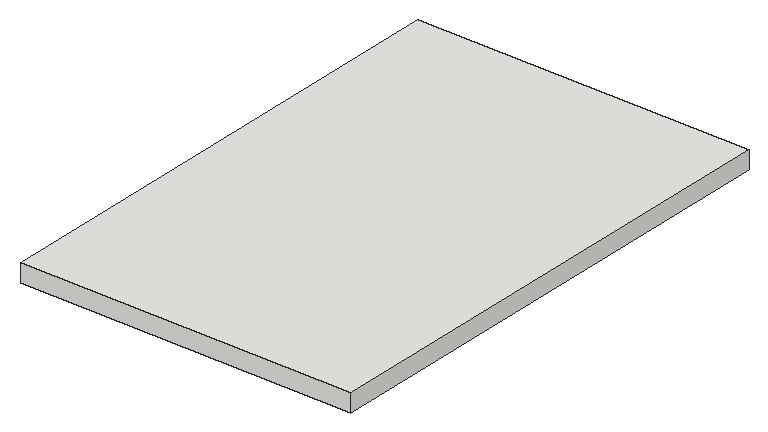
Revit family "SURVIVOR069xxx-DB", category Leuchten, Revit 2020
Family settings
  Basisbauteil = Fläche
  Bemaßung runder Anschluss = Durchmesser verwenden
  Teiletyp = Normal
  OmniClass-Nummer = 23.80.70.11
  OmniClass-Titel = Luminaries for Internal Lighting
  Beim Laden mit Abzugskörper schneiden = Nein
  Lichtquelle = Ja
  Gemeinsam genutzt = Nein
  Raumberechnungspunkt = Nein
Parameters (values of type "SURVIVOR069NDWS840S0250-DB")
  width = 240 mm  # constant formula
  weight = "6.2 kg"
  voltage type (AC, DC, UC) = "AC"
  rated input power = 18
  product name = "SURVIVOR069NDWS840S0250-DB"
  nominal voltage = "230"
  nominal frequency = "50-60Hz"
  length = 690 mm  # constant formula
  ingress protection (IP) code = "IP65"
  height = 73 mm  # constant formula
  electrical safety class = "1"
  control gear = ""
  conformity mark = "CE"  # constant formula
  brand = "RIDI"
  approval mark = ""
  built-in parameter 1150104 = 13.8 (stored number, unit not read)
  Wattage = 17.3015 W
  Von Breite des Rechtecks ausssenden = 618 mm
  Von Länge des Rechtecks aussenden = 172 mm  # constant formula
  Default Elevation = 0 mm
  built-in parameter 1150113 = 1 (stored number, unit not read)
  built-in parameter 1114218 = 1 (stored number, unit not read)
  URL = "www.ridi.de"
  built-in parameter 1150134 = 12
  built-in parameter 1150109 = 1 (stored number, unit not read)
  built-in parameter 1150110 = 1 (stored number, unit not read)
  Apparent Load = 17.8 VA
  Tilt Angle = 90.00°
  Modell = "6068001//420"
  built-in parameter 1114217 = 1 (stored number, unit not read)
  built-in parameter 1150139 = (empty or 0)
  built-in parameter 1150105 = 204.51 (stored number, unit not read)
  built-in parameter 1150114 = 1 (stored number, unit not read)
  Lumens = 2570 lm
  built-in parameter 1150115 = 1 (stored number, unit not read)
  built-in parameter 1150112 = 1 (stored number, unit not read)
  Lampe = "LED"
  Hersteller = "RIDI Leuchten GmbH"  # constant formula
  Dimming Lamp Color Temperature Shift = (empty or 0)
  Color Filter = 16777215
  built-in parameter 1150133 = 10 (stored number, unit not read)
  Emit Shape Visible in Rendering = no
  built-in parameter 1150137 = (empty or 0)
  built-in parameter 1150132 = 2
  Datei für fotometrisches Netz = "SURVIVOR_S.IES"
  Copyright = "© RIDI. All rights reserved."  # constant formula
  built-in parameter 1150106 = 2.0451 (stored number, unit not read)
  Baugruppenkennzeichen = "D5020200"
  built-in parameter 1150107 = 4000 (stored number, unit not read)
  built-in parameter 1150102 = (empty or 0)
  built-in parameter 1150138 = (empty or 0)
Types (7, lengths in mm): name | product name | Wattage | Modell | built-in parameter 1150105 | Lumens | Datei für fotometrisches Netz | built-in parameter 1150106
  (no name) | "SURVIVOR069NDWS840S0250-DB" | 17.3015 W | "6068001//420" | 204.51 (stored number, unit not read) | 2570 lm | "SURVIVOR_S.IES" | 2.0451 (stored number, unit not read)
  SURVIVOR069NDWS840S0250-DB | "SURVIVOR069NDWS840S0250-DB" | 17.3015 W | "6068001//420" | 204.51 (stored number, unit not read) | 2570 lm | "SURVIVOR_S.IES" | 2.0451 (stored number, unit not read)
  SURVIVOR069NDWS840AS0250-DB | "SURVIVOR069NDWS840AS0250-DB" | 14.474 W | "6068002//420" | 171.09 (stored number, unit not read) | 2150 lm | "SURVIVOR_SAS.IES" | 1.7109 (stored number, unit not read)
  SURVIVOR069DAWS840AS0250-US | "SURVIVOR069DAWS840AS0250-US" | 14.474 W | "6068084" | 171.09 (stored number, unit not read) | 2150 lm | "SURVIVOR_SAS.IES" | 1.7109 (stored number, unit not read)
  SURVIVOR069DAWS840MPO0225-US | "SURVIVOR069DAWS840MPO0225-US" | 14.8106 W | "6068085" | 175.07 (stored number, unit not read) | 2200 lm | "SURVIVOR_MPO.IES" | 1.7507 (stored number, unit not read)
  SURVIVOR069DAWS840S0250-US | "SURVIVOR069DAWS840S0250-US" | 17.3015 W | "6068083" | 204.51 (stored number, unit not read) | 2570 lm | "SURVIVOR_S.IES" | 2.0451 (stored number, unit not read)
  SURVIVOR069NDWS840MPO0225-DB | "SURVIVOR069NDWS840MPO0225-DB" | 14.8106 W | "6068055" | 175.07 (stored number, unit not read) | 2200 lm | "SURVIVOR_MPO.IES" | 1.7507 (stored number, unit not read)
Reference planes
  plane 1 "Mitte (Vorne/hinten)": y = 0
  plane 2: z = 0
  plane 3 "Mitte (Links/rechts)": x = 0
Forms (mm)
  Extrusion 1, solid
    sketch origin (219.2, 280.8, 0) x (1, 0, 0) y (0, 1, 0)
      loop
        line (-1219.2, 1219.2) -> (-1219.2, -1780.8) -> (780.8, -1780.8) -> (780.8, 1219.2) -> (-1219.2, 1219.2)
    from 0 to -107.307
Dimensions and locks
  aligned and locked: plane 2 to Extrusion 1
  aligned and locked: level to Extrusion 1
Connectors
  electrical at (53.526, -319.1, 2.275), driven by "Apparent Load"
    settings: on import instance, index 1, voltage 230 V, apparent load 0 VA, apparent load phase1 17.8 VA, apparent load phase2 0 VA, apparent load phase3 0 VA, power factor 1, load classification "Lighting", number of poles 1, system type 31, power factor state 1, is connector primary yes, connector utility no, sub classification motor no, connector description ""
